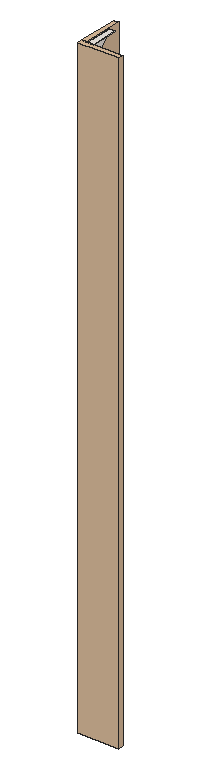
Revit family "Supports-Teknion-CEAFSB-Side_Filler_Base_And_Tall_Cabinet-R2023", category Furniture, Revit 2023
Family settings
  OmniClass Number = 23.40.20.00
  OmniClass Title = General Furniture and Specialties
  Work Plane-Based = No
  Enable Cutting in Views = No
  Always vertical = Yes
  Cut with Voids When Loaded = No
  Render Appearance Source = Family Geometry
  Shared = Yes
  Room Calculation Point = No
Parameters (values of type "Side Filler – Base & Tall Cabinets")
  Warranty = "http://www.teknion.com/ca/papers/legal-canada"
  Unit Weight URL = "http://www.teknion.com/ca/tools/assets#&asset=bee6a381-b954-425e-8283-5a2de3a804f2,f828d448-4b62-4231-9e5f-9a8991c0ed77"
  URL = "www.teknion.com"
  To render please download texture images found here [instance] = "https://assets.teknion.com/web/5e81352c1dfdb467/revit-material-swatches/"
  Sustainability Data = "https://www.teknion.com/ca/tools/assets#&topic=216f99a5-57a0-44fc-b10a-9dee9b29ae4c&asset=444deb64-fe58-4b68-981e-f75e97781df7,b4ff2d81-9f2e-437d-9659-7cffb09c31cf"
  Side Filler Finish [instance] = Veneer - Teknion - 5N - Flintwood - White Oak
  Series = "Casework+"  # constant formula
  Product Page URL = "https://www.teknion.com/ca//products/product-details?productLineId=30ca1270-8e7a-673b-a6c8-ff05004460c4"
  Product Line = "Finishing Components"  # constant formula
  Product Documentation Link = "http://www.teknion.com/pricingguides/Casework/pdfs/CEAFSB_ppg.pdf"
  Part Number = "CEAFSB"  # constant formula
  Model = "CEAFSB06__"  # constant formula
  Mid Bracket [instance] = Height > 35.000"  # yes
  Manufacturer Phone = "416-661-3370"  # constant formula
  Manufacturer Fax = "416.661.4586"  # constant formula
  Manufacturer Contact Information = "http://www.teknion.com/ca/contactus"
  Manufacturer Address = "1150 Flint Road, Toronto, ON. M3J 2J5. Canada"  # constant formula
  Manufacturer = "Teknion"  # constant formula
  How To Use Teknion Materials User Guide [instance] = "https://assets.teknion.com/m/205dd0a49fa58060/original/How-to-add-a-Material-Library-and-Texture-Images-to-your-Revit-project.pdf"
  Height [instance] = 96.000"
  For Additional Finishes please visit [instance] = "https://assets.teknion.com/m/44a8009b046e5d47/original/Teknion_Materials_Library.zip"
  Description = "Side Filler – Base & Tall Cabinets"  # constant formula
  Default Elevation = 0.000"
  Available Height [instance] = "Available In 32, 35, 72, 84, 90 & 96 Inches"  # constant formula
  Assembly Code = "E2020200"
Reference planes (in)
  plane 1 "Center Front/Back": y = 1.57138
  plane 2: z = 0
  plane 3 "Center Left/Right": x = 0.45654
  plane 4 "Left": x = -2.54346
  plane 5 "Right": x = 3.45654
  plane 6 "Back": y = 4.92177
  plane 7 "Front": y = -1.77902
  plane 8 "Top": z = 96
  plane 9: z = 4.13386
  plane 10: z = 50.06693
Forms (in)
  Sweep 1, solid, material "Veneer - Teknion - 5N - Flintwood - White Oak" <- "Side Filler Finish"
    path origin (0, 1.57138, 0) x (1, 0, 0) y (0, 0, 1)
      loop
        line (0.45654, 96) -> (0.45654, 4.13386)
    profile origin (0.45654, 1.57138, 50.06693) x (0, -1, 0) y (1, 0, 0)
      loop
        line (3.35039, -3) -> (3.35039, 3) -> (2.64961, 3) -> (2.64961, -3) -> (3.35039, -3)
  Sweep 2, solid, material "Veneer - Teknion - 5N - Flintwood - White Oak" <- "Side Filler Finish"
    path origin (0.45654, 0, 0) x (0, 1, 0) y (0, 0, 1)
      loop
        line (1.57138, 96) -> (1.57138, 4.13386)
    profile origin (0.45654, 1.57138, 50.06693) x (1, 0, 0) y (0, 1, 0)
      loop
        line (-3, 3.35039) -> (-3, -2.64961) -> (-2.29921, -2.64961) -> (-2.29921, 3.35039) -> (-3, 3.35039)
  Sweep 3, solid, material "Source Laminate - Teknion - 2G - Atrium White"
    path origin (0.45654, 0, 0) x (0, 1, 0) y (0, 0, 1)
      loop
        line (1.57138, 96) -> (1.57138, 4.13386)
    profile origin (0.45654, 1.57138, 50.06693) x (1, 0, 0) y (0, 1, 0)
      loop
        line (-1.29921, 1.40945) -> (-2.29921, 1.40945) -> (-2.29921, -2.64961) -> (-1.29921, -2.64961) -> (-1.29921, 1.40945)
  Sweep 4, void
    path origin (0, 1.57138, 0) x (1, 0, 0) y (0, 0, 1)
      loop
        line (0.45654, 95.941) -> (0.45654, 4.19291)
    profile origin (0.45654, 1.57138, 50.06696) x (0, -1, 0) y (1, 0, 0)
      loop
        line (2.59055, -2.24016) -> (2.59055, -1.29921) -> (-1.40945, -1.29921) -> (-1.40945, -2.24016) -> (2.59055, -2.24016)
  Sweep 5, void
    path origin (0, 0, 0) x (1, 0, 0) y (0, 1, 0)
      loop
        line (3.45654, 1.57138) -> (-2.54346, 1.57138)
    profile origin (0.45654, 1.57138, 0) x (0, -1, 0) y (0, 0, 1)
      loop
        line (-1.40945, 4.72441) -> (2.05906, 8.19291) -> (2.64961, 8.19291) -> (2.64961, 91.94094) -> (2.05906, 91.94094) -> (-1.40945, 95.40945) -> (-1.40945, 4.72441)
  Sweep 6, solid, material "Source Laminate - Teknion - 2G - Atrium White", visible <- "Mid Bracket"
    path origin (0, 0, 0) x (1, 0, 0) y (0, 1, 0)
      loop
        line (-0.84267, 1.57138) -> (-1.84267, 1.57138)
    profile origin (-1.34267, 1.57138, 0) x (0, -1, 0) y (0, 0, 1)
      loop
        line (2.64961, 54.12598) -> (2.05906, 54.12598) -> (-1.40945, 50.65748) -> (-1.40945, 50.06693) -> (2.64961, 50.06693) -> (2.64961, 54.12598)
  Sweep 7, void
    path origin (0, 1.57138, 0) x (1, 0, 0) y (0, 0, 1)
      loop
        line (0.45654, 50.12598) -> (0.45654, 54.12598)
    profile origin (0.45654, 1.57138, 52.12598) x (-1, 0, 0) y (0, -1, 0)
      loop
        line (2.24016, -2.05736) -> (2.24016, 2.59055) -> (1.29921, 2.59055) -> (1.29921, -2.05736) -> (2.24016, -2.05736)
Cuts and joins
  Sweep 4, Sweep 5 cuts Sweep 3
  Sweep 7 cuts Sweep 6
Lines and regions (in)
  Masking region 1
    outline origin (0, 0, 0) x (1, 0, 0) y (0, 1, 0)
      loop
        line (-2.54346, 4.92177) -> (-2.54346, -1.07823) -> (-1.84267, -1.07823) -> (-1.84267, 4.92177) -> (-2.54346, 4.92177)
  Masking region 2
    outline origin (0, 0, 0) x (1, 0, 0) y (0, 1, 0)
      loop
        line (-2.54346, -1.77902) -> (3.45654, -1.77902) -> (3.45654, -1.07823) -> (-2.54346, -1.07823) -> (-2.54346, -1.77902)
  Masking region 3
    outline origin (0, 0, 0) x (1, 0, 0) y (0, 1, 0)
      loop
        line (-0.84267, -1.07823) -> (-0.84267, 2.98083) -> (-1.84267, 2.98083) -> (-1.84267, -1.07823) -> (-0.84267, -1.07823)
  symbolic lines, style "FurnitureHiddenLines", detail levels medium+fine
    curve 1: line (-1.78362, 2.98083, 0) -> (-1.78362, -1.01917, 0)
    curve 2: line (-1.78362, -1.01917, 0) -> (-0.84267, -1.01917, 0)
  reference lines
    curve 3: line (-2.54346, 4.92177, 0) -> (3.45654, 4.92177, 0)
    curve 4: line (3.45654, 4.92177, 0) -> (3.45654, -1.77902, 0)
    curve 5: line (-2.54346, -1.77902, 0) -> (3.45654, -1.77902, 0)
    curve 6: line (-2.54346, 4.92177, 0) -> (-2.54346, -1.77902, 0)
Dimensions and locks (in)
  plane 4 "Left" to plane 5 "Right" = 6.000"
  plane 6 "Back" to plane 7 "Front" = 6.70079"
  "Height": plane 8 "Top" to level
  equal spacing: plane 4 "Left", plane 3 "Center Left/Right", plane 5 "Right"
  equal spacing: plane 7 "Front", plane 1 "Center Front/Back", plane 6 "Back"
  plane 8 "Top" to plane 9 = 91.86614"
  locked: plane 9 to plane 2 at 4.13386
  locked: plane 7 "Front" to Sweep 1 sketch curve at 0.70079
  locked: plane 4 "Left" to Sweep 2 sketch curve at 0.70079
  locked: plane 7 "Front" to Sweep 2 sketch curve at 0.70079
  plane 4 "Left" to Sweep 3 sketch curve to Sweep 3 sketch curve = 0.70079" locked, 1.000" locked
  plane 7 "Front" to Sweep 3 sketch curve to Sweep 3 sketch curve = 0.70079" locked, 4.05906" locked
  locked: plane 8 "Top" to Sweep 4 sketch curve at 0.059
  locked: Sweep 4 sketch curve to plane 9 at 0.05906
  plane 4 "Left" to Sweep 4 sketch curve to Sweep 4 sketch curve = 0.75984" locked, 0.94094" locked
  plane 7 "Front" to Sweep 4 sketch curve to Sweep 4 sketch curve = 0.75984" locked, 4.000" locked
  Sweep 5 sketch curve to Sweep 5 sketch curve to Sweep 5 sketch curve to Sweep 5 sketch curve to plane 7 "Front" = 3.4685" locked, 0.000" locked, 0.59055" locked, 0.70079" locked
  Sweep 5 sketch curve to Sweep 5 sketch curve to plane 9 = 3.4685" locked, 0.59055" locked
  plane 8 "Top" to Sweep 5 sketch curve to Sweep 5 sketch curve = 0.59055" locked, 3.4685" locked
  locked: plane 4 "Left" to Masking region 1 sketch curve at 0.70079
  locked: plane 7 "Front" to Masking region 1 sketch curve at 0.70079
  locked: plane 7 "Front" to Masking region 2 sketch curve at 0.70079
  plane 4 "Left" to Masking region 3 sketch curve to Masking region 3 sketch curve = 0.70079" locked, 1.000" locked
  plane 7 "Front" to Masking region 3 sketch curve to Masking region 3 sketch curve = 0.70079" locked, 4.05906" locked
  equal spacing: plane 8 "Top", plane 10, plane 9
  plane 4 "Left" to Sweep 6 sketch curve to Sweep 6 sketch curve = 0.70079" locked, 1.000" locked
  plane 10 to Sweep 6 sketch curve to Sweep 6 sketch curve = 0.59055" locked, 3.4685" locked
  Sweep 6 sketch curve to Sweep 6 sketch curve to Sweep 6 sketch curve to plane 7 "Front" = 3.4685" locked, 0.59055" locked, 0.70079" locked
  Sweep 7 sketch curve to Sweep 7 sketch curve to plane 10 = 4.000" locked, 0.05906" locked
  plane 4 "Left" to Sweep 7 sketch curve to Sweep 7 sketch curve = 0.75984" locked, 0.94094" locked
  plane 7 "Front" to Sweep 7 sketch curve to Sweep 7 sketch curve = 0.75984" locked, 4.64791" locked
  aligned and locked: level to plane 2
  aligned and locked: Sweep 1 sketch curve to plane 3 "Center Left/Right"
  aligned and locked: plane 8 "Top" to Sweep 1 sketch curve
  aligned and locked: plane 9 to Sweep 1 sketch curve
  aligned and locked: Sweep 1 sketch curve to plane 7 "Front"
  aligned and locked: Sweep 1 sketch curve to plane 5 "Right"
  aligned and locked: plane 4 "Left" to Sweep 1 sketch curve
  aligned and locked: Sweep 2 sketch curve to plane 1 "Center Front/Back"
  aligned and locked: plane 8 "Top" to Sweep 2 sketch curve
  aligned and locked: Sweep 2 sketch curve to plane 4 "Left"
  aligned and locked: Sweep 2 sketch curve to plane 6 "Back"
  aligned and locked: Sweep 3 sketch curve to plane 1 "Center Front/Back"
  aligned and locked: plane 8 "Top" to Sweep 3 sketch curve
  aligned and locked: Sweep 4 sketch curve to plane 3 "Center Left/Right"
  aligned and locked: plane 4 "Left" to Sweep 5 sketch curve
  aligned and locked: plane 5 "Right" to Sweep 5 sketch curve
  aligned and locked: Sweep 5 sketch curve to plane 1 "Center Front/Back"
  aligned and locked: Masking region 1 sketch curve to plane 4 "Left"
  aligned and locked: Masking region 1 sketch curve to plane 6 "Back"
  aligned and locked: Masking region 2 sketch curve to plane 7 "Front"
  aligned and locked: Masking region 2 sketch curve to plane 4 "Left"
  aligned and locked: plane 5 "Right" to Masking region 2 sketch curve
  aligned and locked: curve 1 to cut or joined group of Sweep 3, Sweep 4, Sweep 5
  aligned and locked: curve 2 to cut or joined group of Sweep 3, Sweep 4, Sweep 5
  aligned and locked: nested 1 to plane 4 "Left"
  aligned and locked: nested 1 to plane 7 "Front"
  aligned and locked: curve 3 to plane 6 "Back"
  aligned and locked: curve 4 to plane 5 "Right"
  aligned and locked: curve 5 to plane 7 "Front"
  aligned and locked: curve 6 to plane 4 "Left"
  aligned and locked: plane 9 to Sweep 2 sketch curve
  aligned and locked: plane 9 to Sweep 3 sketch curve
  aligned and locked: Sweep 6 sketch curve to plane 1 "Center Front/Back"
  aligned and locked: plane 10 to Sweep 6 sketch curve
  aligned and locked: plane 3 "Center Left/Right" to Sweep 7 sketch curve
Automatic sketch dimensions
  curve 1 to plane 1 "Center Front/Back" = 1.40945"
  curve 1 to curve 2 = 0.94094"
Nested families (in)
  nested 1: "Teknion_2D_Node_Family-R2021" at (-2.54346, -1.77902, 0), type "Teknion_2D_Node_Family-R2021"
Definition of nested family "Teknion_2D_Node_Family-R2021"
  Reference planes (in)
    plane 1 "Center (Front/Back)": y = 0
    plane 2: z = 0
    plane 3 "Center (Left/Right)": x = 0
  Lines and regions (in)
    detail lines, in view "Ref. Level"
      curve 1: circle (0, 0, 0) r 1.25 normal (0, 0, 1)
      curve 2: line (1.91508, -1.91508, 0) -> (-1.91508, 1.91508, 0)
      curve 3: line (-1.91508, -1.91508, 0) -> (1.91508, 1.91508, 0)
